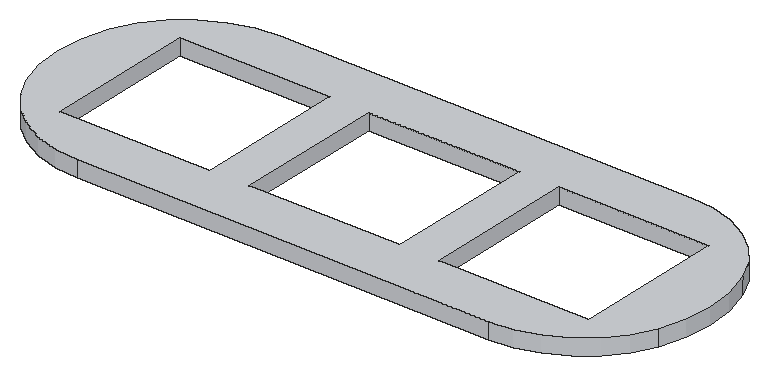
Revit family "Gira_0213135", category Electrical Fixtures, host Face, Revit 2017
Family settings
  Host = Face
  Maintain Annotation Orientation = No
  Round Connector Dimension = Use Diameter
  Part Type = Normal
  Cut with Voids When Loaded = No
  Shared = No
  Room Calculation Point = No
Parameters (values of type "Abdeckrahmen 3f Gira Studio G Schwarz")
  Werkstoffgüte = "Echtglas"
  Werkstoff = "Glas"
  URL = "http://katalog.gira.de/de_DE/datenblatt.html?artikelnr=0213135"
  Transparent = "No"
  Textfeld/Beschriftungsfläche = "No"
  Schutzart (IP) = "IP20"
  Region = "DE"
  Oberfläche = "sonstige"
  Name = "Abdeckrahmen 3f Gira Studio G Schwarz"
  Montagerichtung = "horizontal und vertikal"
  Mit Montagerahmen = "No"
  Mit Klappdeckel = "No"
  Manufacturer URL = "https://www.gira.de/"
  Keynote = "Studio_Rahmen_Abdeckplatte_3fach"
  HeinzeBIM = "https://bimportal.heinze.de/bim/abdeckrahmen-3f-gira-studio-g-schwarz/d3dbf92154137cf9511deaaeea659c59a5bf21b6"
  Halogenfrei = "No"
  HAN = "0213135"
  Geeignet für Unterputz-Installation = "Yes"
  Geeignet für Unterflurkanaldose = "No"
  Geeignet für Geräteeinbaukanal = "No"
  Geeignet für Einbauinstallation = "No"
  GTIN = "4010337045687"
  Farbe = "schwarz"
  Default Elevation = 1219.2 mm
  Data sheet (1) = "https://katalog.gira.de/de_DE/download.html?artikelnr=0213135"
  Category = "Abdeckrahmen"
  Befestigungsart = "Klemmbefestigung"
  BIM (1) = "https://media.live.bim.site/public/gira/9fde4c0/Studio_Rahmen_Abdeckplatte_3fach.rfa"
  Available = "Yes"
  Ausführung der Oberfläche = "glänzend"
  Anzahl der Einheiten vertikal = "3 "
  Anzahl der Einheiten horizontal = "3 "
  Anzahl der Einheiten = "3 "
Reference planes
  plane 1 "Center (Front/Back)": y = 0
  plane 2: z = 0
  plane 3 "Center (Left/Right)": x = 0
Forms (mm)
  Extrusion 1, solid, detail levels fine
    sketch origin (0, 0, 0) x (0, -1, 0) y (1, 0, 0)
      loop
        arc (-47.5, -77.3) -> (-39.942, -102.262) -> (-19.808, -118.838) r 45
        arc (-19.808, -118.838) -> (0, -122.8) -> (19.808, -118.838) r 51.5
        arc (19.808, -118.838) -> (39.942, -102.262) -> (47.5, -77.3) r 45
        line (47.5, -77.3) -> (47.5, 77.3)
        arc (47.5, 77.3) -> (39.942, 102.262) -> (19.808, 118.838) r 45
        arc (19.808, 118.838) -> (0, 122.8) -> (-19.808, 118.838) r 51.5
        arc (-19.808, 118.838) -> (-39.942, 102.262) -> (-47.5, 77.3) r 45
        line (-47.5, 77.3) -> (-47.5, -77.3)
      loop
        line (-28.2, -99.5) -> (28.2, -99.5) -> (28.2, -43.1) -> (-28.2, -43.1) -> (-28.2, -99.5)
      loop
        line (28.2, 99.5) -> (-28.2, 99.5) -> (-28.2, 43.1) -> (28.2, 43.1) -> (28.2, 99.5)
      loop
        line (-28.2, 28.2) -> (-28.2, -28.2) -> (28.2, -28.2) -> (28.2, 28.2) -> (-28.2, 28.2)
    from 0 to 6
  Extrusion 2, solid, detail levels medium
    sketch origin (0, 0, 0) x (0, -1, 0) y (1, 0, 0)
      loop
        arc (-47.5, -77.3) -> (-39.942, -102.262) -> (-19.808, -118.838) r 45
        arc (-19.808, -118.838) -> (0, -122.8) -> (19.808, -118.838) r 51.5
        arc (19.808, -118.838) -> (39.942, -102.262) -> (47.5, -77.3) r 45
        line (47.5, -77.3) -> (47.5, 77.3)
        arc (47.5, 77.3) -> (39.942, 102.262) -> (19.808, 118.838) r 45
        arc (19.808, 118.838) -> (0, 122.8) -> (-19.808, 118.838) r 51.5
        arc (-19.808, 118.838) -> (-39.942, 102.262) -> (-47.5, 77.3) r 45
        line (-47.5, 77.3) -> (-47.5, -77.3)
    from 0 to 6
  Extrusion 3, solid, detail levels coarse
    sketch origin (0, 0, 0) x (0, -1, 0) y (1, 0, 0)
      loop
        line (-47.5, 122.8) -> (-47.5, -122.8) -> (47.5, -122.8) -> (47.5, 122.8) -> (-47.5, 122.8)
    from 0 to 6
Dimensions and locks
  aligned and locked: plane 2 to host face
  aligned and locked: level to host face
